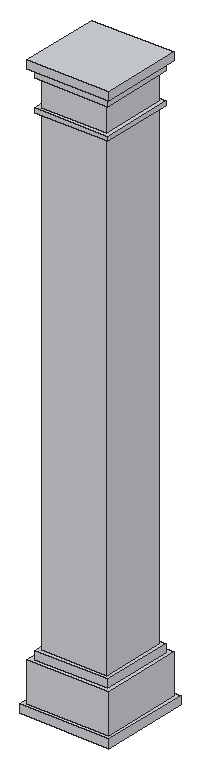
Revit family "12x12", category Columns, Revit 2013
Parameters (values of type "12"x12" Wood Col")
  Width = 12"
  Depth = 12"
Types (2): name | Width | Depth
  12"x12" Wood Col | 12" | 12"
  16"x16" Wood Col | 16" | 16"
Reference planes (in)
  plane 1 "Center (Front/Back)": y = 0
  plane 2: z = 0
  plane 3 "Back": y = 6
  plane 4 "Front": y = -6
  plane 5: y = -6
  plane 6: y = -7.5
  plane 7: y = 7.5
  plane 8: z = 108
  plane 9: z = 100
  plane 10: z = 99.25
Forms (in)
  Extrusion 1, solid
    sketch origin (0, 0, 0) x (1, 0, 0) y (0, 1, 0)
      loop
        line (-6, 6) -> (-6, -6) -> (6, -6) -> (6, 6) -> (-6, 6)
    from 0 to 108
  Extrusion 2, solid
    sketch origin (0, 0, 0) x (1, 0, 0) y (0, 1, 0)
      loop
        line (-6, 6) -> (-6, -6) -> (6, -6) -> (6, 6) -> (-6, 6)
      loop
        line (-6.75, 6.75) -> (-6.75, -6.75) -> (6.75, -6.75) -> (6.75, 6.75) -> (-6.75, 6.75)
    from 0 to 10.25
  Extrusion 3, solid
    sketch origin (0, 0, 0) x (1, 0, 0) y (0, 1, 0)
      loop
        line (-6.75, 6.75) -> (-6.75, -6.75) -> (6.75, -6.75) -> (6.75, 6.75) -> (-6.75, 6.75)
      loop
        line (-7.5, 7.5) -> (-7.5, -7.5) -> (7.5, -7.5) -> (7.5, 7.5) -> (-7.5, 7.5)
    from 0 to 8.75
  Extrusion 4, solid
    sketch origin (0, 0, 0) x (1, 0, 0) y (0, 1, 0)
      loop
        line (-7.5, 7.5) -> (-7.5, -7.5) -> (7.5, -7.5) -> (7.5, 7.5) -> (-7.5, 7.5)
      loop
        line (-8.25, 8.25) -> (-8.25, -8.25) -> (8.25, -8.25) -> (8.25, 8.25) -> (-8.25, 8.25)
    from 0 to 1.5
  Extrusion 5, solid
    sketch origin (0, 0, -32) x (1, 0, 0) y (0, 1, 0)
      loop
        line (-6, 6) -> (-6, -6) -> (6, -6) -> (6, 6) -> (-6, 6)
      loop
        line (6.75, 6.75) -> (-6.75, 6.75) -> (-6.75, -6.75) -> (6.75, -6.75) -> (6.75, 6.75)
    from 131.25 to 132
  Extrusion 6, solid
    sketch origin (0, 0, -19) x (1, 0, 0) y (0, 1, 0)
      loop
        line (-6, 6) -> (-6, -6) -> (6, -6) -> (6, 6) -> (-6, 6)
      loop
        line (7.5, 7.5) -> (-7.5, 7.5) -> (-7.5, -7.5) -> (7.5, -7.5) -> (7.5, 7.5)
    from 125.5 to 127
  Extrusion 7, solid
    sketch origin (0, 0, -20.5) x (1, 0, 0) y (0, 1, 0)
      loop
        line (-6, 6) -> (-6, -6) -> (6, -6) -> (6, 6) -> (-6, 6)
      loop
        line (6.75, 6.75) -> (-6.75, 6.75) -> (-6.75, -6.75) -> (6.75, -6.75) -> (6.75, 6.75)
    from 125.5 to 127
Cuts and joins
  joined: Extrusion 1, Extrusion 2, Extrusion 3, Extrusion 4, Extrusion 5, Extrusion 6, Extrusion 7
Dimensions and locks (in)
  equal spacing: plane 4 "Front", plane 1 "Center (Front/Back)", plane 3 "Back"
  "Depth": plane 4 "Front" to plane 3 "Back"
  aligned and locked: level to plane 2
  aligned and locked: level to Extrusion 1
  aligned and locked: Extrusion 2 sketch curve to Extrusion 1  (x4)
  aligned and locked: Extrusion 3 sketch curve to Extrusion 2  (x4)
  aligned and locked: Extrusion 4 sketch curve to Extrusion 3  (x4)
  aligned and locked: Extrusion 5 sketch curve to Extrusion 1  (x4)
  aligned and locked: plane 9 to Extrusion 5
  aligned and locked: Extrusion 5 to plane 10
Automatic sketch dimensions
  plane 4 "Front" to Extrusion 1 sketch curve = 0"
  plane 3 "Back" to Extrusion 1 sketch curve = 0"
  plane 4 "Front" to Extrusion 2 sketch curve = 3/4"
  Extrusion 2 sketch curve to plane 3 "Back" = 3/4"
  plane 4 "Front" to Extrusion 3 sketch curve = 1 1/2"
  Extrusion 3 sketch curve to Extrusion 3 sketch curve = 3/4"  (x3)
  plane 4 "Front" to Extrusion 4 sketch curve = 2 1/4"
  Extrusion 4 sketch curve to Extrusion 4 sketch curve = 3/4"  (x3)
  plane 4 "Front" to Extrusion 5 sketch curve = 3/4"
  Extrusion 5 sketch curve to plane 3 "Back" = 3/4"
  plane 4 "Front" to Extrusion 6 sketch curve = 0"
  plane 3 "Back" to Extrusion 6 sketch curve = 0"
  plane 4 "Front" to Extrusion 6 sketch curve = 1 1/2"
  Extrusion 6 sketch curve to plane 3 "Back" = 1 1/2"
  plane 4 "Front" to Extrusion 7 sketch curve = 0"
  plane 3 "Back" to Extrusion 7 sketch curve = 0"
  plane 4 "Front" to Extrusion 7 sketch curve = 3/4"
  Extrusion 7 sketch curve to plane 3 "Back" = 3/4"
  Extrusion 1 sketch curve to Extrusion 1 sketch curve = 12"
  Extrusion 2 sketch curve to Extrusion 2 sketch curve = 3/4"  (x2)
  Extrusion 5 sketch curve to Extrusion 5 sketch curve = 3/4"  (x2)
  Extrusion 6 sketch curve to Extrusion 6 sketch curve = 1 1/2"  (x2)
  Extrusion 6 sketch curve to Extrusion 6 sketch curve = 12"
  Extrusion 7 sketch curve to Extrusion 7 sketch curve = 3/4"  (x2)
  Extrusion 7 sketch curve to Extrusion 7 sketch curve = 12"
